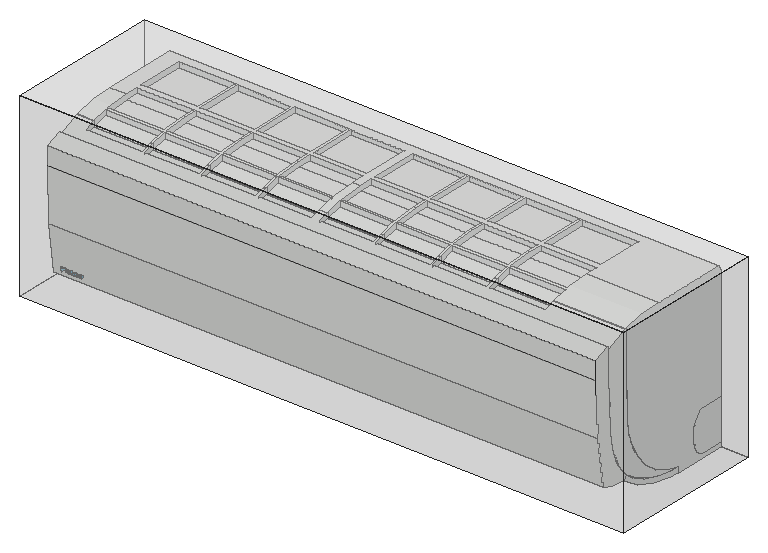
Revit family "outputfile", category 機械設備, Revit 2024
Family settings
  丸型コネクタ寸法 = 半径を使用
  パーツ タイプ = 標準
  OmniClass 番号 = 23.75.10.24.21.27.27
  OmniClass タイトル = Split System Air Conditioning Units
  作業面ベース = いいえ
  常に垂直 = はい
  ロード時にボイドで切り取り = いいえ
  注釈の向きを維持 = いいえ
  共有 = いいえ
  部屋計算ポイント = いいえ
Parameters (values of type "FTKC60TVM4")
  Description = ""
  書き出し IFC クラス(タイプ) = "IfcUnitaryEquipmentType"
  定義済み IFC タイプ(タイプ) = "AIRCONDITIONINGUNIT"
  Cost = 0
  Type Comments = ""
  Keynote = ""
  Type Image = (empty or 0)
  Assembly Code = ""
  w_wall hole = if(Width = 770.0 mm, 48.0 mm, 60.0 mm)  # 60.0 mm
  製造元 = "Daikin"
  モデル = "FTKC60TVM4"
  switch_frequency = yes
  r_Liquid Pipe Size = Liquid Pipe Size / 2  # 3.2 mm
  r_Gas Pipe Size = Gas Pipe Size / 2  # 6.35 mm
  r_Drain Pipe Size = Drain Pipe Size / 2  # 8.0 mm
  lw_powersupply [instance] = if(Width = 770.0 mm, if(or(Rear Right Connection_refrigerant, Bottom Right Connection_refrigerant), 30.0 mm, if(or(Rear Left Connection_refrigerant, Bottom Left Connection_refrigerant), 740.0 mm, 385.0 mm)), if(Width = 990.0 mm, if(or(Rear Right Connection_refrigerant, Bottom Right Connection_refrigerant), 80.0 mm, if(or(Rear Left Connection_refrigerant, Bottom Left Connection_refrigerant), 920.0 mm, 495.0 mm)), if(or(Rear Right Connection_refrigerant, Bottom Right Connection_refrigerant), 80.0 mm, if(or(Rear Left Connection_refrigerant, Bottom Left Connection_refrigerant), 920.0 mm, 495.0 mm))))  # 495.0 mm
  lw_liquidpipe [instance] = if(Width = 770.0 mm, if(or(Rear Right Connection_refrigerant, Bottom Right Connection_refrigerant), 0.0 mm, if(or(Rear Left Connection_refrigerant, Bottom Left Connection_refrigerant), 674.0 mm, 400.0 mm)), if(Width = 990.0 mm, if(or(Rear Right Connection_refrigerant, Bottom Right Connection_refrigerant), 9.0 mm, if(or(Rear Left Connection_refrigerant, Bottom Left Connection_refrigerant), 871.0 mm, 475.0 mm)), if(or(Rear Right Connection_refrigerant, Bottom Right Connection_refrigerant), 9.0 mm, if(or(Rear Left Connection_refrigerant, Bottom Left Connection_refrigerant), 871.0 mm, 475.0 mm))))  # 475.0 mm
  lw_gaspipe [instance] = if(Width = 770.0 mm, if(or(Rear Right Connection_refrigerant, Bottom Right Connection_refrigerant), 0.0 mm, if(or(Rear Left Connection_refrigerant, Bottom Left Connection_refrigerant), 674.0 mm, 350.0 mm)), if(Width = 990.0 mm, if(or(Rear Right Connection_refrigerant, Bottom Right Connection_refrigerant), 0.0 mm, if(or(Rear Left Connection_refrigerant, Bottom Left Connection_refrigerant), 880.0 mm, 400.0 mm)), if(or(Rear Right Connection_refrigerant, Bottom Right Connection_refrigerant), 0.0 mm, if(or(Rear Left Connection_refrigerant, Bottom Left Connection_refrigerant), 880.0 mm, 400.0 mm))))  # 400.0 mm
  lw_drainpipe [instance] = if(Width = 770.0 mm, if(or(Rear Right Connection_refrigerant, Bottom Right Connection_refrigerant), 0.0 mm, if(or(Rear Left Connection_refrigerant, Bottom Left Connection_refrigerant), 674.0 mm, 465.0 mm)), if(Width = 990.0 mm, if(or(Rear Right Connection_refrigerant, Bottom Right Connection_refrigerant), 0.0 mm, if(or(Rear Left Connection_refrigerant, Bottom Left Connection_refrigerant), 880.0 mm, 435.0 mm)), if(or(Rear Right Connection_refrigerant, Bottom Right Connection_refrigerant), 0.0 mm, if(or(Rear Left Connection_refrigerant, Bottom Left Connection_refrigerant), 880.0 mm, 435.0 mm))))  # 435.0 mm
  l_powersupply_length [instance] = if(Width = 770.0 mm, if(Right Connection_refrigerant, 385.0 mm, if(Left Connection_refrigerant, 385.0 mm, if(or(Rear Left Connection_refrigerant, Rear Right Connection_refrigerant), 15.0 mm, 50.0 mm))), if(Width = 990.0 mm, if(Right Connection_refrigerant, 495.0 mm, if(Left Connection_refrigerant, 495.0 mm, if(or(Rear Left Connection_refrigerant, Rear Right Connection_refrigerant), 15.0 mm, 50.0 mm))), if(Right Connection_refrigerant, 495.0 mm, if(Left Connection_refrigerant, 495.0 mm, if(or(Rear Left Connection_refrigerant, Rear Right Connection_refrigerant), 15.0 mm, 50.0 mm)))))  # 495.0 mm
  l_liquidpipe_length [instance] = if(Width = 770.0 mm, if(Right Connection_refrigerant, 448.0 mm, if(Left Connection_refrigerant, 322.0 mm, if(or(Rear Left Connection_refrigerant, Rear Right Connection_refrigerant), 30.0 mm, 40.0 mm))), if(Width = 990.0 mm, if(Right Connection_refrigerant, 535.0 mm, if(Left Connection_refrigerant, 455.0 mm, if(or(Rear Left Connection_refrigerant, Rear Right Connection_refrigerant), 30.0 mm, 40.0 mm))), if(Right Connection_refrigerant, 535.0 mm, if(Left Connection_refrigerant, 455.0 mm, if(or(Rear Left Connection_refrigerant, Rear Right Connection_refrigerant), 30.0 mm, 40.0 mm)))))  # 535.0 mm
  l_gaspipe_length [instance] = if(Width = 770.0 mm, if(Right Connection_refrigerant, 398.0 mm, if(Left Connection_refrigerant, 372.0 mm, if(or(Rear Left Connection_refrigerant, Rear Right Connection_refrigerant), 40.0 mm, 50.0 mm))), if(Width = 990.0 mm, if(Right Connection_refrigerant, 460.0 mm, if(Left Connection_refrigerant, 530.0 mm, if(or(Rear Left Connection_refrigerant, Rear Right Connection_refrigerant), 40.0 mm, 50.0 mm))), if(Right Connection_refrigerant, 460.0 mm, if(Left Connection_refrigerant, 530.0 mm, if(or(Rear Left Connection_refrigerant, Rear Right Connection_refrigerant), 40.0 mm, 50.0 mm)))))  # 460.0 mm
  l_drainpipe_length [instance] = if(Width = 770.0 mm, if(Right Connection_refrigerant, 513.0 mm, if(Left Connection_refrigerant, 257.0 mm, if(or(Rear Left Connection_refrigerant, Rear Right Connection_refrigerant), 15.0 mm, 20.0 mm))), if(Width = 990.0 mm, if(Right Connection_refrigerant, 495.0 mm, if(Left Connection_refrigerant, 495.0 mm, if(or(Rear Left Connection_refrigerant, Rear Right Connection_refrigerant), 15.0 mm, 20.0 mm))), if(Right Connection_refrigerant, 495.0 mm, if(Left Connection_refrigerant, 495.0 mm, if(or(Rear Left Connection_refrigerant, Rear Right Connection_refrigerant), 15.0 mm, 20.0 mm)))))  # 495.0 mm
  h*** = 0.0 mm  # constant formula
  connector_voltage = Voltage_50Hz  # 230 V
  connector_powerinput = [Power Input (Cooling)]  # 0.000 kW
  connector_phase = Phase_50Hz  # 1
  angle_vertical [instance] = if(or(Bottom Left Connection_refrigerant, Bottom Right Connection_refrigerant), 0.00°, 90.00°)  # 90.00°
  angle_horizontal [instance] = if(Right Connection_refrigerant, 90.00°, if(Left Connection_refrigerant, -90.00°, if(or(Rear Left Connection_refrigerant, Rear Right Connection_refrigerant), 180.00°, 0.00°)))  # 90.00°
  Width = 990.0 mm
  Voltage_comment_50Hz = "220 - 240"
  Voltage_50Hz = 230 V
  Version = "ver.1.0"
  Unit Type = "Wall Mounted"
  Unit Mass Weight = 13.00 kg
  Unit Designation [instance] = ""
  Uniclass2015Version = "Products v1.30"
  Uniclass2015Title = "Split coil room air conditioning units"
  Uniclass2015Code = "Pr_70_65_03_86"
  URL = ""
  Total Cooling Capacity [instance] = 0.000 kW
  Sound Pressure Level_M speed (dBA) = 41
  Sound Pressure Level_L speed (dBA) = 36
  Sound Pressure Level_H speed (dBA) = 46
  Sound Power Level_H speed (dB) = 0
  Series = "Single Split_Fan Coil Unit"
  Sensible Cooling Capacity [instance] = 0.000 kW
  Refrigerant Type = "R32"
  Power Input (Cooling) = 0.000 kW
  Phase_50Hz = 1
  Option Accessory 3 [instance] = ""
  Option Accessory 2 [instance] = ""
  Option Accessory 1 [instance] = ""
  Nominal Cooling Capacity = 6.000 kW
  Minimum Circuit Amps_50Hz = 0.0 A
  Minimum Airflow = 684.00 m³/h
  Median Airflow = 912.00 m³/h
  Maximum Fuse Amps_50Hz = 0.0 A
  Maximum Airflow = 1140.00 m³/h
  Material_Casing = DAIKIN_PureWhite_Casing_indoorunit
  Load Classification = HVAC
  Liquid Pipe Size = 6.4 mm
  Link_Nested Family [instance] = ""
  IfcVersion = ""
  IfcExportType = "AIRCONDITIONINGUNIT"
  IfcExportAs = "IfcUnitaryEquipmentType"
  Height = 295.0 mm
  Heat Exchanger Type = "Cross Fin Coil"
  Gas Pipe Size = 12.7 mm
  Frequency_50Hz = 50 Hz
  Fan Type = "Cross Flow Fan"
  Fan Drive = "Direct Drive"
  FCU Tag No. [instance] = ""
  Drain Pipe Size = 16.0 mm
  Design Supply Airflow [instance] = 0.00 m³/h
  Depth = 281.0 mm
  既定の高さ = 0.0 mm
  Cooling Entering Wet Bulb Temperature [instance] = 0.00 °C
  Cooling Entering Dry Bulb Temperature [instance] = 0.00 °C
  Cooling Ambient Wet Bulb Temperature [instance] = 0.00 °C
  Cooling Ambient Dry Bulb Temperature [instance] = 0.00 °C
  Clearance visibility [instance] = yes
  Clearance Top = 30.0 mm
  Clearance Right = 50.0 mm
  Clearance Rear = 0.0 mm
  Clearance Left = 50.0 mm
  Clearance Front = 0.0 mm
  Clearance Bottom = 0.0 mm
  Bottom Right Connection_refrigerant [instance] = no
  Bottom Left Connection_refrigerant [instance] = no
  Rear Right Connection_refrigerant [instance] = no
  Rear Left Connection_refrigerant [instance] = no
  Right Connection_refrigerant [instance] = yes
  Left Connection_refrigerant [instance] = no
Reference planes
  plane 1 "Back": y = 0
  plane 2: z = 0
  plane 3 "Center (Left/Right)": x = 0
  plane 4 "Center (Front/Back)": y = -140.5
  plane 5 "Front": y = -281
  plane 6 "Left": x = -495
  plane 7 "Right": x = 495
  plane 8 "Top": z = 0
  plane 9 "Bottom": z = -295
  plane 10: x = -545
  plane 11: x = 545
  plane 12: y = 0
  plane 13: y = -281
  plane 14: z = 30
  plane 15: z = -295
  plane 16 "lw_Piping and Wiring intake": x = 435
  plane 17 "lw_gaspipe": x = 35
  plane 18 "lw_liquidpipe": x = -40
  plane 19 "lw_drainpipe": x = 0
  plane 20 "lh_drainpipe": z = -275
  plane 21 "lh_liquidpipe": z = -255
  plane 22 "lh_gaspipe": z = -245
  plane 23 "ld_drainpipe": y = -15
  plane 24 "ld_liquidpipe": y = -30
  plane 25 "ld_gaspipe": y = -40
  plane 26 "lw_powersupply": x = 0
Dimensions and locks
  equal spacing: plane 6 "Left", plane 3 "Center (Left/Right)", plane 7 "Right"
  "Width": plane 6 "Left" to plane 7 "Right"
  equal spacing: plane 5 "Front", plane 4 "Center (Front/Back)", plane 1 "Back"
  "Depth": plane 5 "Front" to plane 1 "Back"
  "Height": plane 8 "Top" to plane 9 "Bottom"
  "Clearance Rear": plane 12 to plane 1 "Back"
  "Clearance Front": plane 13 to plane 5 "Front"
  "Clearance Top": plane 14 to plane 8 "Top"
  "Clearance Bottom": plane 9 "Bottom" to plane 15
  "w_wall hole": plane 16 "lw_Piping and Wiring intake" to plane 7 "Right"
  "lw_gaspipe": plane 17 "lw_gaspipe" to plane 16 "lw_Piping and Wiring intake"
  "lw_liquidpipe": plane 18 "lw_liquidpipe" to plane 16 "lw_Piping and Wiring intake"
  "lw_drainpipe": plane 19 "lw_drainpipe" to plane 16 "lw_Piping and Wiring intake"
  locked: plane 20 "lh_drainpipe" to plane 9 "Bottom" at 20
  locked: plane 21 "lh_liquidpipe" to plane 9 "Bottom" at 40
  locked: plane 22 "lh_gaspipe" to plane 9 "Bottom" at 50
  locked: plane 23 "ld_drainpipe" to plane 1 "Back" at 15
  locked: plane 1 "Back" to plane 24 "ld_liquidpipe" at 30
  locked: plane 1 "Back" to plane 25 "ld_gaspipe" at 40
  "lw_powersupply": plane 26 "lw_powersupply" to plane 7 "Right"
  "Clearance Right": plane 7 "Right" to plane 11
  "Clearance Left": plane 10 to plane 6 "Left"
  aligned and locked: level to plane 2
  aligned and locked: plane 12 to nested 1
  aligned and locked: nested 1 to plane 13
  aligned and locked: plane 10 to nested 1
  aligned and locked: plane 11 to nested 1
  aligned and locked: plane 15 to nested 1
  aligned and locked: plane 14 to nested 1
  aligned and locked: plane 17 "lw_gaspipe" to nested 2
  aligned and locked: nested 2 to plane 25 "ld_gaspipe"
  aligned and locked: plane 18 "lw_liquidpipe" to nested 3
  aligned and locked: nested 3 to plane 24 "ld_liquidpipe"
  aligned and locked: plane 19 "lw_drainpipe" to nested 4
  aligned and locked: nested 4 to plane 23 "ld_drainpipe"
  aligned and locked: nested 5 to plane 23 "ld_drainpipe"
  aligned and locked: plane 26 "lw_powersupply" to nested 5
  aligned and locked: level to plane 8 "Top"
  aligned and locked: plane 3 "Center (Left/Right)" to nested 6
  aligned and locked: plane 8 "Top" to nested 6
  aligned and locked: plane 1 "Back" to nested 6
Nested families
  nested 1: "daikin_clearancespace" at (0, -140.5, -132.381), show <- "Clearance visibility", visible <- "Clearance visibility", Link_Nested Family <- "Link_Nested Family", type "daikin_clearancespace"
    with width 1090.0 mm, show yes, height 325.0 mm, depth 281.0 mm, Link_Nested Family ""
  nested 2: "daikin_connector_rotate3" at (35, -40, -245), angle_vertical <- "angle_vertical", angle_horizontal <- "angle_horizontal", length <- "l_gaspipe_length", radius <- "r_Gas Pipe Size", type "daikin_connector_rotate3"
    with show no, radius 6.35 mm, length 460.0 mm, angle_vertical 90.00°, angle_horizontal 90.00°
  nested 3: "daikin_connector_rotate3" at (-40, -30, -255), angle_vertical <- "angle_vertical", angle_horizontal <- "angle_horizontal", radius <- "r_Liquid Pipe Size", length <- "l_liquidpipe_length", type "daikin_connector_rotate3"
    with show no, radius 3.2 mm, length 535.0 mm, angle_vertical 90.00°, angle_horizontal 90.00°
  nested 4: "daikin_connector_rotate3" at (0, -15, -275), angle_vertical <- "angle_vertical", angle_horizontal <- "angle_horizontal", length <- "l_drainpipe_length", radius <- "r_Drain Pipe Size", type "daikin_connector_rotate3"
    with show no, radius 8.0 mm, length 495.0 mm, angle_vertical 90.00°, angle_horizontal 90.00°
  nested 5: "daikin_connector_rotate3" at (0, -15, -245), angle_vertical <- "angle_vertical", angle_horizontal <- "angle_horizontal", length <- "l_powersupply_length", type "daikin_connector_rotate3"
    with show no, radius 10.0 mm, length 495.0 mm, angle_vertical 90.00°, angle_horizontal 90.00°
  nested 6: "DAIKIN_indoorunit_FTKC-TVM4" at (-31, 0, 0), type "FTKC-TVM4"
    with switch_unit1_50-71 yes, switch_unit1_15-35 no, Width 990.0 mm, Height 295.0 mm
Connectors
  piping at (495, -40, -245), diameter 12.7, driven by "r_Gas Pipe Size"
    settings: on nested 2, index 1, connector inside diameter 609.6 mm, connector length 0.0 mm, flow factor 0, pipe flow 0.00 m³/h, pressure drop 0.0 Pa, fitting loss kfactor 0, connector angle 0.00°, fixture units 0, engagement length 0.0 mm, angle of deflection 0.00°, flow configuration 1, flow direction 2, fitting loss method 0, system type 29, joint type 0, gender type 0, connector reference index -1, connector utility 0, adjustable connector no, is connector primary yes, connector description "Refrigerant Gas Piping"
  piping at (495, -30, -255), diameter 6.4, driven by "r_Liquid Pipe Size"
    settings: on nested 3, index 2, connector inside diameter 609.6 mm, connector length 0.0 mm, flow factor 0, pipe flow 0.00 m³/h, pressure drop 0.0 Pa, fitting loss kfactor 0, connector angle 0.00°, fixture units 0, engagement length 0.0 mm, angle of deflection 0.00°, flow configuration 1, flow direction 1, fitting loss method 0, system type 29, joint type 0, gender type 0, connector reference index -1, connector utility 0, adjustable connector no, is connector primary no, connector description "Refrigerant Liquid Piping"
  piping at (495, -15, -275), diameter 16, driven by "r_Drain Pipe Size"
    settings: on nested 4, index 3, connector inside diameter 609.6 mm, connector length 0.0 mm, flow factor 0, pipe flow 0.00 m³/h, pressure drop 0.0 Pa, fitting loss kfactor 0, connector angle 0.00°, fixture units 0, engagement length 0.0 mm, angle of deflection 0.00°, flow configuration 1, flow direction 2, fitting loss method 4, system type 16, joint type 0, gender type 0, connector reference index -1, connector utility 0, adjustable connector no, is connector primary no, connector description "Condensate Drain Piping"
  electrical at (495, -15, -245), driven by "Load Classification", driven by "connector_voltage", driven by "connector_powerinput", driven by "connector_phase"
    settings: on nested 5, index 4, voltage 230 V, apparent load 0 VA, apparent load phase1 0 VA, apparent load phase2 0 VA, apparent load phase3 0 VA, power factor 1, load classification "HVAC", number of poles 1, system type 30, power factor state 1, is connector primary yes, connector utility no, sub classification motor no, connector description "Power Supply"
Definition of nested family "daikin_clearancespace"
  Parameters (values of type "daikin_clearancespace")
    Description = "daikin_clearancespace"
    width [instance] = 1823.963 mm
    show [instance] = yes
    material = none
    height [instance] = 1359.762 mm
    depth [instance] = 880.0 mm
    Default Elevation = 0.0 mm
    Link_Nested Family [instance] = ""
  Reference planes
    plane 1 "Center (Front/Back)": y = 0
    plane 2 "Center (Elevation)": z = -0.119
    plane 3 "Center (Left/Right)": x = 0
    plane 4: y = 440
    plane 5: y = -440
    plane 6 "Right": x = 911.982
    plane 7 "Left": x = -911.982
    plane 8 "Top": z = 679.762
    plane 9 "Bottom": z = -680
  Forms (mm)
    Extrusion 1, solid, material <- "material", visible <- "show"
      sketch origin (0, 0, 0) x (1, 0, 0) y (0, 1, 0)
        loop
          line (-911.982, 440) -> (-911.982, -440) -> (911.982, -440) -> (911.982, 440) -> (-911.982, 440)
      from -680 to 679.762
  Lines and regions (mm)
    symbolic lines, visible <- "show"
      curve 1: line (911.982, 440, 0) -> (-911.982, 440, 0)
      curve 2: line (-911.982, 440, 0) -> (-911.982, -440, 0)
      curve 3: line (-911.982, -440, 0) -> (911.982, -440, 0)
      curve 4: line (911.982, -440, 0) -> (911.982, 440, 0)
      curve 5: line (911.982, 0, 679.762) -> (-911.982, 0, 679.762)
      curve 6: line (911.982, 0, -680) -> (911.982, 0, 679.762)
      curve 7: line (-911.982, 0, -680) -> (911.982, 0, -680)
      curve 8: line (-911.982, 0, 679.762) -> (-911.982, 0, -680)
      curve 9: line (0, 440, 679.762) -> (0, -440, 679.762)
      curve 10: line (0, -440, 679.762) -> (0, -440, -680)
      curve 11: line (0, 440, -680) -> (0, 440, 679.762)
      curve 12: line (0, -440, -680) -> (0, 440, -680)
  Dimensions and locks
    "width": plane 7 "Left" to plane 6 "Right"
    "depth": plane 4 to plane 5
    "height": plane 8 "Top" to plane 9 "Bottom"
    equal spacing: plane 7 "Left", plane 3 "Center (Left/Right)", plane 6 "Right"
    equal spacing: plane 4, plane 1 "Center (Front/Back)", plane 5
    equal spacing: plane 8 "Top", plane 2 "Center (Elevation)", plane 9 "Bottom"
    aligned and locked: level to plane 2 "Center (Elevation)"
    aligned and locked: Extrusion 1 sketch curve to plane 4
    aligned and locked: plane 7 "Left" to Extrusion 1 sketch curve
    aligned and locked: Extrusion 1 sketch curve to plane 5
    aligned and locked: Extrusion 1 sketch curve to plane 6 "Right"
    aligned and locked: plane 8 "Top" to Extrusion 1
    aligned and locked: curve 1 to Extrusion 1
    aligned and locked: curve 2 to Extrusion 1
    aligned and locked: curve 3 to Extrusion 1
    aligned and locked: curve 4 to Extrusion 1
    aligned and locked: curve 5 to Extrusion 1
    aligned and locked: curve 6 to Extrusion 1
    aligned and locked: curve 7 to Extrusion 1
    aligned and locked: curve 8 to Extrusion 1
    aligned and locked: curve 9 to Extrusion 1
    aligned and locked: curve 10 to Extrusion 1
    aligned and locked: curve 11 to Extrusion 1
    aligned and locked: curve 12 to Extrusion 1
    aligned and locked: Extrusion 1 to plane 9 "Bottom"
Definition of nested family "DAIKIN_indoorunit_FTKC-TVM4"
  Parameters (values of type "FTKC-TVM4")
    switch_unit1_50-71 = Width = 990.0 mm  # no
    switch_unit1_15-35 = Width = 770.0 mm  # yes
    Width = 770.0 mm
    Material_Casing = none
    Height = if(Width = 770.0 mm, 285.0 mm, 295.0 mm)  # 285.0 mm
    Default Elevation = 0.0 mm
  Reference planes
    plane 1 "Center (Front/Back)": y = 0
    plane 2 "reference_level": z = 0
    plane 3 "Center (Left/Right)": x = 31
    plane 4: x = -354
    plane 5: x = 416
    plane 6: y = -242
    plane 7: z = -285
    plane 8: x = -464
    plane 9: x = 526
    plane 10: y = -281
    plane 11: z = -295
  Forms (mm)
    Extrusion 1, solid, material <- "Material_Casing", visible <- "switch_unit1_15-35"
      sketch origin (31, 0, 0) x (0, 1, 0) y (0, 0, 1)
        loop
          line (-181.516, -252.416) -> (-177.432, -245.341)
          arc (-177.432, -245.341) -> (-187.602, -234.721) -> (-196.157, -222.761) r 103
          arc (-196.157, -222.761) -> (-204.858, -204.875) -> (-209.959, -185.65) r 103
          arc (-209.959, -185.65) -> (-211.672, -172.918) -> (-212.646, -160.108) r 222
          arc (-212.646, -160.108) -> (-214.738, -92.842) -> (-214.74, -25.543) r 2166.704
          line (-214.74, -25.543) -> (-242, -36.1) -> (-242, -144.253)
          arc (-242, -144.253) -> (-238.127, -195.07) -> (-226.597, -244.714) r 335.315
          arc (-226.597, -244.714) -> (-218.704, -249.531) -> (-209.718, -251.715) r 30
          arc (-209.718, -251.715) -> (-195.628, -252.481) -> (-181.516, -252.416) r 239.767
      from -385 to 385
    Extrusion 2, solid, material <- "Material_Casing", visible <- "switch_unit1_15-35"
      sketch origin (31, 0, 0) x (0, 1, 0) y (0, 0, 1)
        loop
          line (0, -8.5) -> (-113.618, -8.5)
          arc (-113.618, -8.5) -> (-146.846, -12.967) -> (-179.138, -21.983) r 242
          arc (-179.138, -21.983) -> (-179.047, -97.761) -> (-175.674, -173.465) r 1749.053
          arc (-175.674, -173.465) -> (-151.972, -235.488) -> (-97.504, -273.461) r 112.896
          line (-97.504, -273.461) -> (-97.504, -283.03)
          arc (-97.504, -283.03) -> (-89.849, -284.138) -> (-82.162, -285) r 240
          line (-82.162, -285) -> (0, -285) -> (0, -8.5)
      from -385 to 385
    Extrusion 3, solid, material <- "Material_Casing", visible <- "switch_unit1_15-35"
      sketch origin (31, 0, 0) x (0, 1, 0) y (0, 0, 1)
        loop
          arc (-98, 0) -> (-139.118, -3.405) -> (-179.116, -13.525) r 250
          arc (-179.116, -13.525) -> (-179.134, -17.754) -> (-179.138, -21.983) r 1232.815
          arc (-179.138, -21.983) -> (-146.846, -12.967) -> (-113.618, -8.5) r 242
          line (-113.618, -8.5) -> (0, -8.5) -> (-5, 0) -> (-98, 0)
      from -385 to 385
    Extrusion 4, solid, material <- "Material_Casing", visible <- "switch_unit1_15-35"
      sketch origin (31, 0, 0) x (0, 1, 0) y (0, 0, 1)
        loop
          arc (-179.116, -13.525) -> (-196.73, -20.321) -> (-213.781, -28.427) r 250
          arc (-213.781, -28.427) -> (-213.841, -32.971) -> (-213.891, -37.516) r 2163.952
          arc (-213.891, -37.516) -> (-196.821, -29.065) -> (-179.138, -21.983) r 242
          arc (-179.138, -21.983) -> (-179.134, -17.754) -> (-179.116, -13.525) r 1232.815
      from -385 to 385
    Extrusion 5, solid, material <- "Material_Casing", visible <- "switch_unit1_15-35"
      sketch origin (31, 0, 0) x (0, 1, 0) y (0, 0, 1)
        loop
          arc (-179.138, -21.983) -> (-196.821, -29.065) -> (-213.891, -37.516) r 242
          arc (-213.891, -37.516) -> (-213.638, -98.737) -> (-211.653, -159.927) r 2163.952
          arc (-211.653, -159.927) -> (-210.685, -172.747) -> (-208.973, -185.489) r 221
          arc (-208.973, -185.489) -> (-197.132, -219.133) -> (-174.432, -246.644) r 102
          arc (-174.432, -246.644) -> (-137.432, -263.767) -> (-98, -274.128) r 231.303
          line (-98, -274.128) -> (-98, -273.301)
          arc (-98, -273.301) -> (-152.132, -235.283) -> (-175.674, -173.465) r 112.896
          arc (-175.674, -173.465) -> (-179.047, -97.761) -> (-179.138, -21.983) r 1749.053
      from -385 to 385
    Extrusion 6, solid, material <- "Material_Casing", visible <- "switch_unit1_15-35"
      sketch origin (31, 0, 0) x (0, 1, 0) y (0, 0, 1)
        loop
          arc (-99, -274.668) -> (-139.156, -263.909) -> (-176.747, -246.156) r 232
          line (-176.747, -246.156) -> (-180.748, -253.084)
          arc (-180.748, -253.084) -> (-141.23, -271.668) -> (-99, -282.784) r 240
          line (-99, -282.784) -> (-99, -274.668)
      from 334 to 385
    Extrusion 7, solid, material <- "Material_Casing", visible <- "switch_unit1_15-35"
      sketch origin (31, 0, 0) x (0, 1, 0) y (0, 0, 1)
        loop
          arc (-99, -274.668) -> (-139.156, -263.909) -> (-176.747, -246.156) r 232
          line (-176.747, -246.156) -> (-180.748, -253.084)
          arc (-180.748, -253.084) -> (-141.23, -271.668) -> (-99, -282.784) r 240
          line (-99, -282.784) -> (-99, -274.668)
      from 267 to 333
    Extrusion 8, solid, material <- "Material_Casing", visible <- "switch_unit1_15-35"
      sketch origin (31, 0, 0) x (0, 1, 0) y (0, 0, 1)
        loop
          arc (-99, -274.668) -> (-139.156, -263.909) -> (-176.747, -246.156) r 232
          line (-176.747, -246.156) -> (-180.748, -253.084)
          arc (-180.748, -253.084) -> (-141.23, -271.668) -> (-99, -282.784) r 240
          line (-99, -282.784) -> (-99, -274.668)
      from -385 to -338.5
    Extrusion 9, solid, material <- "Material_Casing", visible <- "switch_unit1_15-35"
      sketch origin (31, 0, 0) x (0, 1, 0) y (0, 0, 1)
        loop
          arc (-118.787, -270.332) -> (-148.589, -260.214) -> (-176.747, -246.156) r 232
          line (-176.747, -246.156) -> (-180.748, -253.084)
          arc (-180.748, -253.084) -> (-152.638, -267.191) -> (-122.926, -277.5) r 240
          line (-122.926, -277.5) -> (-118.787, -270.332)
      from -335.5 to 264.6
    Extrusion 10, solid, material <- "Material_Casing", visible <- "switch_unit1_15-35"
      sketch origin (31, 0, 0) x (0, 1, 0) y (0, 0, 1)
        loop
          line (0, -276.246) -> (0, -216.246) -> (-30, -216.246)
          arc (-30, -216.246) -> (-44.142, -222.104) -> (-50, -236.246) r 20
          line (-50, -236.246) -> (-50, -256.246)
          arc (-50, -256.246) -> (-44.142, -270.388) -> (-30, -276.246) r 20
          line (-30, -276.246) -> (0, -276.246)
      from 380 to 385
    Extrusion 11, solid, material <- "Material_Casing", visible <- "switch_unit1_15-35"
      sketch origin (-734, 0, 0) x (0, 1, 0) y (0, 0, 1)
        loop
          line (0, -276.246) -> (0, -216.246) -> (-30, -216.246)
          arc (-30, -216.246) -> (-44.142, -222.104) -> (-50, -236.246) r 20
          line (-50, -236.246) -> (-50, -256.246)
          arc (-50, -256.246) -> (-44.142, -270.388) -> (-30, -276.246) r 20
          line (-30, -276.246) -> (0, -276.246)
      from 380 to 385
    Extrusion 12, solid, material <- "Material_Casing", visible <- "switch_unit1_15-35"
      sketch origin (4267.2, -957.059, -285) x (0, -1, 0) y (1, 0, 0)
        loop
          line (-957.059, -4610.2) -> (-927.059, -4610.2)
          arc (-927.059, -4610.2) -> (-912.917, -4604.342) -> (-907.059, -4590.2) r 20
          line (-907.059, -4590.2) -> (-907.059, -4570.2)
          arc (-907.059, -4570.2) -> (-912.917, -4556.058) -> (-927.059, -4550.2) r 20
          line (-927.059, -4550.2) -> (-957.059, -4550.2) -> (-957.059, -4610.2)
        loop
          line (-957.059, -3922.2) -> (-927.059, -3922.2)
          arc (-927.059, -3922.2) -> (-912.917, -3916.342) -> (-907.059, -3902.2) r 20
          line (-907.059, -3902.2) -> (-907.059, -3882.2)
          arc (-907.059, -3882.2) -> (-912.917, -3868.058) -> (-927.059, -3862.2) r 20
          line (-927.059, -3862.2) -> (-957.059, -3862.2) -> (-957.059, -3922.2)
      from 0 to 5
    Extrusion 13, solid, material <- "Material_Casing", visible <- "switch_unit1_15-35"
      sketch origin (0, 0, 0) x (1, 0, 0) y (0, 0, 1)
        loop
          circle (-306, -240.5) r 32.5
        loop
          circle (368, -240.5) r 32.5
      from 0 to 5
    Extrusion 14, void
      sketch origin (0, 0, 0) x (1, 0, 0) y (0, 1, 0)
        loop
          line (-324.5, -23.5) -> (-324.5, -100) -> (-221, -100) -> (-221, -23.5) -> (-324.5, -23.5)
        loop
          line (-324.5, -102) -> (-324.5, -180.5) -> (-221, -180.5) -> (-221, -102) -> (-324.5, -102)
        loop
          line (-221, -181.5) -> (-324.5, -181.5) -> (-324.5, -210) -> (-221, -210) -> (-221, -181.5)
        loop
          line (-219, -23.5) -> (-219, -100) -> (-120, -100) -> (-120, -23.5) -> (-219, -23.5)
        loop
          line (-219, -102) -> (-219, -180.5) -> (-120, -180.5) -> (-120, -102) -> (-219, -102)
        loop
          line (-120, -181.5) -> (-219, -181.5) -> (-219, -210) -> (-120, -210) -> (-120, -181.5)
        loop
          line (92, -23.5) -> (92, -100) -> (191, -100) -> (191, -23.5) -> (92, -23.5)
        loop
          line (92, -102) -> (92, -180.5) -> (191, -180.5) -> (191, -102) -> (92, -102)
        loop
          line (191, -181.5) -> (92, -181.5) -> (92, -210) -> (191, -210) -> (191, -181.5)
        loop
          line (193, -23.5) -> (193, -100) -> (296.5, -100) -> (296.5, -23.5) -> (193, -23.5)
        loop
          line (193, -102) -> (193, -180.5) -> (296.5, -180.5) -> (296.5, -102) -> (193, -102)
        loop
          line (296.5, -181.5) -> (193, -181.5) -> (193, -210) -> (296.5, -210) -> (296.5, -181.5)
        loop
          line (-118, -23.5) -> (-118, -100) -> (90, -100) -> (90, -23.5) -> (-118, -23.5)
        loop
          line (-118, -102) -> (-118, -180.5) -> (90, -180.5) -> (90, -102) -> (-118, -102)
        loop
          line (-118, -181.5) -> (-118, -210) -> (90, -210) -> (90, -181.5) -> (-118, -181.5)
      from -45.568 to 39.59
    Extrusion 15, solid, material <- "Material_Casing", visible <- "switch_unit1_50-71"
      sketch origin (31, 0, 0) x (0, 1, 0) y (0, 0, 1)
        loop
          line (-219.505, -253.208) -> (-214.063, -245.993)
          arc (-214.063, -245.993) -> (-226.305, -232.688) -> (-235.972, -217.41) r 100.737
          arc (-235.972, -217.41) -> (-246.359, -189.681) -> (-251.069, -160.448) r 149.292
          arc (-251.069, -160.448) -> (-253.267, -112.746) -> (-254, -65) r 1555.387
          line (-254, -65) -> (-254, -22.209) -> (-280.96, -32.522) -> (-281, -65.309)
          arc (-281, -65.309) -> (-280.275, -112.896) -> (-278.119, -160.439) r 1582.495
          arc (-278.119, -160.439) -> (-274.11, -202.042) -> (-267, -243.228) r 558.201
          arc (-267, -243.228) -> (-249.058, -250.67) -> (-229.801, -253.208) r 74.313
          line (-229.801, -253.208) -> (-219.505, -253.208)
      from -495 to 495
    Extrusion 16, solid, material <- "Material_Casing", visible <- "switch_unit1_50-71"
      sketch origin (31, 0, 0) x (0, 1, 0) y (0, 0, 1)
        loop
          arc (-100.5, -284.747) -> (-179.919, -239.801) -> (-212.343, -154.5) r 134.438
          arc (-212.343, -154.5) -> (-213.586, -109.758) -> (-214, -65) r 2418.229
          line (-214, -65) -> (-214, -20.481)
          arc (-214, -20.481) -> (-233.83, -27.507) -> (-253, -36.176) r 250
          line (-253, -36.176) -> (-253, -65)
          arc (-253, -65) -> (-252.267, -112.716) -> (-250.07, -160.386) r 1554.382
          arc (-250.07, -160.386) -> (-245.365, -189.53) -> (-234.983, -217.165) r 148.387
          arc (-234.983, -217.165) -> (-218.057, -240.73) -> (-195.079, -258.444) r 100
          arc (-195.079, -258.444) -> (-149.468, -277.868) -> (-100.5, -285.595) r 201.939
          line (-100.5, -285.595) -> (-100.5, -284.747)
      from -495 to 495
    Extrusion 17, solid, material <- "Material_Casing", visible <- "switch_unit1_50-71"
      sketch origin (31, 0, 0) x (0, 1, 0) y (0, 0, 1)
        loop
          arc (-214, -65) -> (-213.586, -109.758) -> (-212.343, -154.5) r 2418.229
          arc (-212.343, -154.5) -> (-178.254, -241.703) -> (-95.5, -285.502) r 134.438
          line (-95.5, -285.502) -> (-95.5, -295) -> (0, -295) -> (0, -9) -> (-140.5, -9)
          arc (-140.5, -9) -> (-177.696, -11.888) -> (-214, -20.481) r 241
          line (-214, -20.481) -> (-214, -65)
      from -495 to 495
    Extrusion 18, solid, material <- "Material_Casing", visible <- "switch_unit1_50-71"
      sketch origin (31, 0, 0) x (0, 1, 0) y (0, 0, 1)
        loop
          line (-213.317, -246.664) -> (-219.196, -254.466)
          arc (-219.196, -254.466) -> (-168.535, -282.168) -> (-112.23, -294.964) r 209.168
          arc (-112.23, -294.964) -> (-111.806, -294.991) -> (-111.381, -295) r 10
          line (-111.381, -295) -> (-96.5, -295) -> (-96.5, -286) -> (-111.136, -286)
          arc (-111.136, -286) -> (-154.838, -277.36) -> (-195.568, -259.316) r 201.22
          arc (-195.568, -259.316) -> (-204.785, -253.47) -> (-213.317, -246.664) r 101
      from 445 to 495
    Extrusion 19, solid, material <- "Material_Casing", visible <- "switch_unit1_50-71"
      sketch origin (-464, 2327.908, 1200) x (0, 1, 0) y (0, 0, 1)
        loop
          line (-2541.225, -1446.664) -> (-2547.104, -1454.466)
          arc (-2547.104, -1454.466) -> (-2496.443, -1482.168) -> (-2440.138, -1494.964) r 209.168
          arc (-2440.138, -1494.964) -> (-2439.714, -1494.991) -> (-2439.289, -1495) r 10
          line (-2439.289, -1495) -> (-2424.408, -1495) -> (-2424.408, -1486) -> (-2439.044, -1486)
          arc (-2439.044, -1486) -> (-2482.746, -1477.36) -> (-2523.476, -1459.316) r 201.22
          arc (-2523.476, -1459.316) -> (-2532.693, -1453.47) -> (-2541.225, -1446.664) r 101
      from 0 to 45
    Extrusion 20, solid, material <- "Material_Casing", visible <- "switch_unit1_50-71"
      sketch origin (31, 0, 0) x (0, 1, 0) y (0, 0, 1)
        loop
          line (-213.317, -246.664) -> (-219.196, -254.466)
          arc (-219.196, -254.466) -> (-168.535, -282.168) -> (-112.23, -294.964) r 209.168
          arc (-112.23, -294.964) -> (-111.806, -294.991) -> (-111.381, -295) r 10
          line (-111.381, -295) -> (-96.5, -295) -> (-96.5, -286) -> (-111.136, -286)
          arc (-111.136, -286) -> (-154.838, -277.36) -> (-195.568, -259.316) r 201.22
          arc (-195.568, -259.316) -> (-204.785, -253.47) -> (-213.317, -246.664) r 101
      from 348 to 444
    Extrusion 21, solid, material <- "Material_Casing", visible <- "switch_unit1_50-71"
      sketch origin (31, 0, 0) x (0, 1, 0) y (0, 0, 1)
        loop
          line (-213.317, -246.664) -> (-219.196, -254.466)
          arc (-219.196, -254.466) -> (-180.878, -277.039) -> (-138.653, -291) r 209.168
          line (-138.653, -291) -> (-132.632, -283.01)
          arc (-132.632, -283.01) -> (-165.097, -273.811) -> (-195.568, -259.316) r 201.22
          arc (-195.568, -259.316) -> (-204.785, -253.47) -> (-213.317, -246.664) r 101
      from -442 to 343
    Extrusion 22, solid, material <- "Material_Casing", visible <- "switch_unit1_50-71"
      sketch origin (31, 0, 0) x (0, 1, 0) y (0, 0, 1)
        loop
          arc (-214, -11.049) -> (-233.83, -18.074) -> (-253, -26.743) r 250
          line (-253, -26.743) -> (-253, -36.176)
          arc (-253, -36.176) -> (-233.83, -27.507) -> (-214, -20.481) r 250
          line (-214, -20.481) -> (-214, -11.049)
      from -495 to 495
    Extrusion 23, solid, material <- "Material_Casing", visible <- "switch_unit1_50-71"
      sketch origin (31, 0, 0) x (0, 1, 0) y (0, 0, 1)
        loop
          arc (-140.5, 0) -> (-177.663, -2.778) -> (-214, -11.049) r 250
          line (-214, -11.049) -> (-214, -20.481)
          arc (-214, -20.481) -> (-177.696, -11.888) -> (-140.5, -9) r 241
          line (-140.5, -9) -> (0, -9) -> (-5, 0) -> (-140.5, 0)
      from -495 to 495
    Extrusion 24, void
      sketch origin (0, 0, 0) x (1, 0, 0) y (0, 1, 0)
        loop
          line (-434, -22.7) -> (-434, -107.9) -> (-332, -107.9) -> (-332, -22.7) -> (-434, -22.7)
        loop
          line (-332, -116.9) -> (-434, -116.9) -> (-434, -183.4) -> (-332, -183.4) -> (-332, -116.9)
        loop
          line (-332, -187.9) -> (-434, -187.9) -> (-434, -231.9) -> (-332, -231.9) -> (-332, -187.9)
        loop
          line (-327.8, -22.7) -> (-327.8, -107.9) -> (-229.6, -107.9) -> (-229.6, -22.7) -> (-327.8, -22.7)
        loop
          line (-229.6, -116.9) -> (-327.8, -116.9) -> (-327.8, -183.4) -> (-229.6, -183.4) -> (-229.6, -116.9)
        loop
          line (-229.6, -187.9) -> (-327.8, -187.9) -> (-327.8, -231.9) -> (-229.6, -231.9) -> (-229.6, -187.9)
        loop
          line (-225.4, -22.7) -> (-225.4, -107.9) -> (-127.2, -107.9) -> (-127.2, -22.7) -> (-225.4, -22.7)
        loop
          line (-127.2, -116.9) -> (-225.4, -116.9) -> (-225.4, -183.4) -> (-127.2, -183.4) -> (-127.2, -116.9)
        loop
          line (-127.2, -187.9) -> (-225.4, -187.9) -> (-225.4, -231.9) -> (-127.2, -231.9) -> (-127.2, -187.9)
        loop
          line (-123, -22.7) -> (-123, -107.9) -> (-26, -107.9) -> (-26, -22.7) -> (-123, -22.7)
        loop
          line (-26, -116.9) -> (-123, -116.9) -> (-123, -183.4) -> (-26, -183.4) -> (-26, -116.9)
        loop
          line (-26, -187.9) -> (-123, -187.9) -> (-123, -231.9) -> (-26, -231.9) -> (-26, -187.9)
        loop
          line (396, -22.7) -> (294, -22.7) -> (294, -107.9) -> (396, -107.9) -> (396, -22.7)
        loop
          line (294, -116.9) -> (294, -183.4) -> (396, -183.4) -> (396, -116.9) -> (294, -116.9)
        loop
          line (294, -187.9) -> (294, -231.9) -> (396, -231.9) -> (396, -187.9) -> (294, -187.9)
        loop
          line (289.8, -22.7) -> (191.6, -22.7) -> (191.6, -107.9) -> (289.8, -107.9) -> (289.8, -22.7)
        loop
          line (191.6, -116.9) -> (191.6, -183.4) -> (289.8, -183.4) -> (289.8, -116.9) -> (191.6, -116.9)
        loop
          line (191.6, -187.9) -> (191.6, -231.9) -> (289.8, -231.9) -> (289.8, -187.9) -> (191.6, -187.9)
        loop
          line (187.4, -22.7) -> (89.2, -22.7) -> (89.2, -107.9) -> (187.4, -107.9) -> (187.4, -22.7)
        loop
          line (89.2, -116.9) -> (89.2, -183.4) -> (187.4, -183.4) -> (187.4, -116.9) -> (89.2, -116.9)
        loop
          line (89.2, -187.9) -> (89.2, -231.9) -> (187.4, -231.9) -> (187.4, -187.9) -> (89.2, -187.9)
        loop
          line (85, -22.7) -> (-12, -22.7) -> (-12, -107.9) -> (85, -107.9) -> (85, -22.7)
        loop
          line (-12, -116.9) -> (-12, -183.4) -> (85, -183.4) -> (85, -116.9) -> (-12, -116.9)
        loop
          line (-12, -187.9) -> (-12, -231.9) -> (85, -231.9) -> (85, -187.9) -> (-12, -187.9)
      from -47.376 to 34.635
    Extrusion 25, solid, material <- "Material_Casing", visible <- "switch_unit1_50-71"
      sketch origin (31, 0, 0) x (0, 1, 0) y (0, 0, 1)
        loop
          line (0, -287) -> (0, -214.4) -> (-35.8, -214.4)
          arc (-35.8, -214.4) -> (-52.771, -221.429) -> (-59.8, -238.4) r 24
          line (-59.8, -238.4) -> (-59.8, -263)
          arc (-59.8, -263) -> (-52.771, -279.971) -> (-35.8, -287) r 24
          line (-35.8, -287) -> (0, -287)
      from 490 to 495
    Extrusion 26, solid, material <- "Material_Casing", visible <- "switch_unit1_50-71"
      sketch origin (-954, 0, 0) x (0, 1, 0) y (0, 0, 1)
        loop
          line (0, -287) -> (0, -214.4) -> (-35.8, -214.4)
          arc (-35.8, -214.4) -> (-52.771, -221.429) -> (-59.8, -238.4) r 24
          line (-59.8, -238.4) -> (-59.8, -263)
          arc (-59.8, -263) -> (-52.771, -279.971) -> (-35.8, -287) r 24
          line (-35.8, -287) -> (0, -287)
      from 490 to 495
    Extrusion 27, solid, material <- "Material_Casing", visible <- "switch_unit1_50-71"
      sketch origin (0, 0, 0) x (1, 0, 0) y (0, 0, 1)
        loop
          circle (-416, -250.5) r 40
        loop
          circle (466, -250.5) r 40
      from 0 to 5
    Extrusion 28, solid, material <- "Material_Casing", visible <- "switch_unit1_50-71"
      sketch origin (4267.2, -957.059, -295) x (0, -1, 0) y (1, 0, 0)
        loop
          line (-957.059, -4705) -> (-921.259, -4705)
          arc (-921.259, -4705) -> (-904.289, -4697.971) -> (-897.259, -4681) r 24
          line (-897.259, -4681) -> (-897.259, -4656.4)
          arc (-897.259, -4656.4) -> (-904.289, -4639.429) -> (-921.259, -4632.4) r 24
          line (-921.259, -4632.4) -> (-957.059, -4632.4) -> (-957.059, -4705)
        loop
          line (-957.059, -3840) -> (-921.259, -3840)
          arc (-921.259, -3840) -> (-904.289, -3832.971) -> (-897.259, -3816) r 24
          line (-897.259, -3816) -> (-897.259, -3791.4)
          arc (-897.259, -3791.4) -> (-904.289, -3774.429) -> (-921.259, -3767.4) r 24
          line (-921.259, -3767.4) -> (-957.059, -3767.4) -> (-957.059, -3840)
      from 0 to 5
  Cuts and joins
    Extrusion 14 cuts Extrusion 4
    Extrusion 14 cuts Extrusion 3
    Extrusion 24 cuts Extrusion 22
    joined: Extrusion 16, Extrusion 22
    Extrusion 24 cuts Extrusion 23
    joined: Extrusion 17, Extrusion 23
  Dimensions and locks
    plane 4 to plane 5 = 770.0 mm
    equal spacing: plane 4, plane 3 "Center (Left/Right)", plane 5
    plane 6 to plane 1 "Center (Front/Back)" = 242.0 mm
    level to plane 7 = 285.0 mm
    locked: Extrusion 13 sketch curve to plane 4 at 48
    locked: plane 5 to Extrusion 13 sketch curve at 48
    locked: Extrusion 13 sketch curve to plane 7 at 44.5  (x2)
    locked: nested 1 to plane 4 at 15
    plane 8 to plane 9 = 990.0 mm
    equal spacing: plane 8, plane 3 "Center (Left/Right)", plane 9
    plane 10 to plane 1 "Center (Front/Back)" = 281.0 mm
    plane 2 "reference_level" to plane 11 = 295.0 mm
    locked: nested 2 to plane 8 at 15
    radius of Extrusion 13 sketch curve = 32.5 mm  (x2)
    radius of Extrusion 27 sketch curve = 40.0 mm  (x2)
    aligned and locked: level to plane 2 "reference_level"
  Automatic sketch dimensions
    Extrusion 1 sketch curve to Extrusion 1 sketch curve = 0.0 mm  (x2)
    Extrusion 1 sketch curve to plane 6 = 0.0 mm
    Extrusion 1 sketch curve to plane 6 = 27.26 mm
    Extrusion 1 sketch curve to plane 6 = 34.79 mm
    Extrusion 1 sketch curve to level = 12.788 mm
    Extrusion 1 sketch curve to Extrusion 1 sketch curve = 25.072 mm
    Extrusion 1 sketch curve to Extrusion 1 sketch curve = 25.693 mm
    Extrusion 1 sketch curve to Extrusion 1 sketch curve = 4.085 mm
    Extrusion 1 sketch curve to Extrusion 1 sketch curve = 69.113 mm
    Extrusion 1 sketch curve to plane 1 "Center (Front/Back)" = 9.11 mm
    Extrusion 1 sketch curve to Extrusion 1 sketch curve = 84.204 mm
    Extrusion 1 sketch curve to level = 59.12 mm
    Extrusion 1 sketch curve to Extrusion 1 sketch curve = 1858.389 mm
    plane 7 to Extrusion 1 sketch curve = 140.747 mm
    Extrusion 1 sketch curve to Extrusion 1 sketch curve = 5.448 mm
    Extrusion 1 sketch curve to Extrusion 1 sketch curve = 19.271 mm
    plane 7 to Extrusion 1 sketch curve = 63.18 mm
    Extrusion 1 sketch curve to Extrusion 1 sketch curve = 23.521 mm
    Extrusion 1 sketch curve to Extrusion 1 sketch curve = 7.075 mm
    Extrusion 1 sketch curve to level = 36.1 mm
    Extrusion 1 sketch curve to level = 25.543 mm
    Extrusion 1 sketch curve to plane 6 = 15.403 mm
    Extrusion 1 sketch curve to Extrusion 1 sketch curve = 2.686 mm
    Extrusion 1 sketch curve to Extrusion 1 sketch curve = 11.052 mm
    Extrusion 2 sketch curve to plane 7 = 0.0 mm
    Extrusion 2 sketch curve to plane 1 "Center (Front/Back)" = 0.0 mm
    plane 1 "Center (Front/Back)" to Extrusion 2 sketch curve = 59.278 mm
    plane 1 "Center (Front/Back)" to Extrusion 2 sketch curve = 63.028 mm
    Extrusion 2 sketch curve to Extrusion 2 sketch curve = 82.162 mm
    plane 7 to Extrusion 2 sketch curve = 1.97 mm
    Extrusion 2 sketch curve to Extrusion 2 sketch curve = 15.342 mm
    plane 7 to Extrusion 2 sketch curve = 11.539 mm
    Extrusion 2 sketch curve to Extrusion 2 sketch curve = 0.0 mm
    Extrusion 2 sketch curve to Extrusion 2 sketch curve = 0.565 mm
    Extrusion 2 sketch curve to level = 8.5 mm
    Extrusion 2 sketch curve to Extrusion 2 sketch curve = 54.34 mm
    Extrusion 2 sketch curve to level = 57.766 mm
    Extrusion 2 sketch curve to plane 1 "Center (Front/Back)" = 1569.548 mm
    Extrusion 2 sketch curve to Extrusion 2 sketch curve = 23.461 mm
    Extrusion 2 sketch curve to Extrusion 2 sketch curve = 84.042 mm
    Extrusion 2 sketch curve to plane 6 = 66.326 mm
    Extrusion 3 sketch curve to level = 0.0 mm
    Extrusion 3 sketch curve to plane 1 "Center (Front/Back)" = 0.0 mm
    plane 1 "Center (Front/Back)" to Extrusion 3 sketch curve = 5.0 mm
    Extrusion 3 sketch curve to Extrusion 3 sketch curve = 93.0 mm
    Extrusion 3 sketch curve to Extrusion 3 sketch curve = 0.07 mm
    Extrusion 3 sketch curve to level = 8.5 mm
    Extrusion 3 sketch curve to Extrusion 3 sketch curve = 15.618 mm
    Extrusion 3 sketch curve to level = 21.073 mm
    Extrusion 3 sketch curve to plane 1 "Center (Front/Back)" = 1053.676 mm
    plane 7 to Extrusion 3 sketch curve = 35.0 mm
    Extrusion 3 sketch curve to Extrusion 3 sketch curve = 0.0 mm
    Extrusion 3 sketch curve to level = 13.525 mm
    plane 7 to Extrusion 4 sketch curve = 35.0 mm
    plane 1 "Center (Front/Back)" to Extrusion 4 sketch curve = 98.07 mm
    Extrusion 4 sketch curve to Extrusion 4 sketch curve = 0.07 mm
    Extrusion 4 sketch curve to level = 21.073 mm
    Extrusion 4 sketch curve to plane 1 "Center (Front/Back)" = 1053.676 mm
    Extrusion 4 sketch curve to level = 59.178 mm
    Extrusion 4 sketch curve to Extrusion 4 sketch curve = 896.276 mm
    Extrusion 4 sketch curve to Extrusion 4 sketch curve = 0.0 mm
    Extrusion 4 sketch curve to level = 13.525 mm
    Extrusion 4 sketch curve to plane 6 = 62.884 mm
    Extrusion 4 sketch curve to Extrusion 4 sketch curve = 0.023 mm
    Extrusion 4 sketch curve to plane 6 = 28.219 mm
    plane 1 "Center (Front/Back)" to Extrusion 5 sketch curve = 108.319 mm
    Extrusion 5 sketch curve to Extrusion 5 sketch curve = 10.249 mm
    plane 7 to Extrusion 5 sketch curve = 11.699 mm
    Extrusion 5 sketch curve to Extrusion 5 sketch curve = 0.07 mm
    Extrusion 5 sketch curve to Extrusion 5 sketch curve = 45.291 mm
    Extrusion 5 sketch curve to level = 46.109 mm
    plane 1 "Center (Front/Back)" to Extrusion 5 sketch curve = 59.163 mm
    Extrusion 5 sketch curve to plane 1 "Center (Front/Back)" = 9.11 mm
    Extrusion 5 sketch curve to level = 57.766 mm
    Extrusion 5 sketch curve to Extrusion 5 sketch curve = 1560.438 mm
    Extrusion 5 sketch curve to level = 59.178 mm
    Extrusion 5 sketch curve to Extrusion 5 sketch curve = 380.404 mm
    Extrusion 5 sketch curve to Extrusion 5 sketch curve = 0.828 mm
    Extrusion 5 sketch curve to Extrusion 5 sketch curve = 23.301 mm
    Extrusion 5 sketch curve to Extrusion 5 sketch curve = 81.029 mm
    Extrusion 5 sketch curve to Extrusion 5 sketch curve = 3.012 mm
    Extrusion 5 sketch curve to Extrusion 5 sketch curve = 16.258 mm
    plane 7 to Extrusion 5 sketch curve = 38.356 mm
    Extrusion 5 sketch curve to Extrusion 5 sketch curve = 33.299 mm
    Extrusion 5 sketch curve to level = 21.983 mm
    Extrusion 5 sketch curve to Extrusion 5 sketch curve = 0.0 mm
    Extrusion 5 sketch curve to Extrusion 5 sketch curve = 2.68 mm
    Extrusion 6 sketch curve to Extrusion 6 sketch curve = 0.0 mm  (x3)
    Extrusion 6 sketch curve to plane 6 = 61.252 mm
    Extrusion 6 sketch curve to Extrusion 6 sketch curve = 4.0 mm
    plane 7 to Extrusion 6 sketch curve = 10.332 mm
    Extrusion 6 sketch curve to Extrusion 6 sketch curve = 77.747 mm
    plane 7 to Extrusion 6 sketch curve = 2.216 mm
    plane 1 "Center (Front/Back)" to Extrusion 6 sketch curve = 59.278 mm
    Extrusion 6 sketch curve to Extrusion 6 sketch curve = 21.583 mm
    Extrusion 7 sketch curve to Extrusion 7 sketch curve = 0.0 mm  (x3)
    Extrusion 7 sketch curve to plane 6 = 61.252 mm
    Extrusion 7 sketch curve to Extrusion 7 sketch curve = 4.0 mm
    plane 7 to Extrusion 7 sketch curve = 10.332 mm
    Extrusion 7 sketch curve to Extrusion 7 sketch curve = 77.747 mm
    plane 7 to Extrusion 7 sketch curve = 2.216 mm
    plane 1 "Center (Front/Back)" to Extrusion 7 sketch curve = 59.278 mm
    Extrusion 7 sketch curve to Extrusion 7 sketch curve = 21.583 mm
    Extrusion 8 sketch curve to Extrusion 8 sketch curve = 0.0 mm  (x3)
    Extrusion 8 sketch curve to plane 6 = 61.252 mm
    Extrusion 8 sketch curve to Extrusion 8 sketch curve = 4.0 mm
    plane 7 to Extrusion 8 sketch curve = 10.332 mm
    Extrusion 8 sketch curve to Extrusion 8 sketch curve = 77.747 mm
    plane 7 to Extrusion 8 sketch curve = 2.216 mm
    plane 1 "Center (Front/Back)" to Extrusion 8 sketch curve = 59.278 mm
    Extrusion 8 sketch curve to Extrusion 8 sketch curve = 21.583 mm
    Extrusion 9 sketch curve to Extrusion 9 sketch curve = 0.0 mm  (x2)
    Extrusion 9 sketch curve to plane 6 = 61.252 mm
    plane 7 to Extrusion 9 sketch curve = 38.844 mm
    Extrusion 9 sketch curve to Extrusion 9 sketch curve = 4.0 mm
    plane 7 to Extrusion 9 sketch curve = 7.5 mm
    Extrusion 9 sketch curve to Extrusion 9 sketch curve = 53.821 mm
    plane 7 to Extrusion 9 sketch curve = 14.668 mm
    Extrusion 9 sketch curve to Extrusion 9 sketch curve = 4.139 mm
    Extrusion 9 sketch curve to level = 46.093 mm
    Extrusion 10 sketch curve to plane 1 "Center (Front/Back)" = 0.0 mm
    plane 1 "Center (Front/Back)" to Extrusion 10 sketch curve = 30.0 mm  (x2)
    Extrusion 10 sketch curve to Extrusion 10 sketch curve = 20.0 mm  (x2)
    plane 7 to Extrusion 10 sketch curve = 8.754 mm
    Extrusion 11 sketch curve to plane 1 "Center (Front/Back)" = 0.0 mm
    plane 1 "Center (Front/Back)" to Extrusion 11 sketch curve = 30.0 mm  (x2)
    Extrusion 11 sketch curve to Extrusion 11 sketch curve = 20.0 mm  (x2)
    plane 7 to Extrusion 11 sketch curve = 8.754 mm
    plane 1 "Center (Front/Back)" to Extrusion 12 sketch curve = 0.0 mm  (x2)
    plane 1 "Center (Front/Back)" to Extrusion 12 sketch curve = 30.0 mm  (x2)
    Extrusion 12 sketch curve to Extrusion 12 sketch curve = 0.0 mm  (x2)
    Extrusion 12 sketch curve to Extrusion 12 sketch curve = 20.0 mm  (x4)
    plane 4 to Extrusion 12 sketch curve = 11.0 mm
    Extrusion 12 sketch curve to plane 5 = 71.0 mm
    plane 4 to Extrusion 14 sketch curve = 29.5 mm  (x2)
    Extrusion 14 sketch curve to Extrusion 14 sketch curve = 0.0 mm  (x21)
    Extrusion 14 sketch curve to Extrusion 14 sketch curve = 103.5 mm  (x2)
    Extrusion 14 sketch curve to Extrusion 14 sketch curve = 2.0 mm  (x13)
    Extrusion 14 sketch curve to Extrusion 14 sketch curve = 99.0 mm  (x2)
    plane 3 "Center (Left/Right)" to Extrusion 14 sketch curve = 59.0 mm  (x2)
    plane 1 "Center (Front/Back)" to Extrusion 14 sketch curve = 23.5 mm  (x3)
    Extrusion 14 sketch curve to Extrusion 14 sketch curve = 76.5 mm
    plane 1 "Center (Front/Back)" to Extrusion 14 sketch curve = 100.0 mm  (x3)
    Extrusion 14 sketch curve to plane 6 = 61.5 mm  (x3)
    Extrusion 14 sketch curve to Extrusion 14 sketch curve = 1.0 mm  (x5)
    Extrusion 14 sketch curve to Extrusion 14 sketch curve = 28.5 mm  (x3)
    plane 10 to Extrusion 15 sketch curve = 0.0 mm
    Extrusion 15 sketch curve to plane 10 = 0.04 mm
    plane 6 to Extrusion 15 sketch curve = 12.0 mm
    Extrusion 15 sketch curve to plane 6 = 12.199 mm
    Extrusion 15 sketch curve to Extrusion 15 sketch curve = 10.296 mm
    Extrusion 15 sketch curve to Extrusion 15 sketch curve = 5.442 mm
    Extrusion 15 sketch curve to Extrusion 15 sketch curve = 83.447 mm
    Extrusion 15 sketch curve to Extrusion 15 sketch curve = 44.305 mm
    Extrusion 15 sketch curve to level = 127.737 mm
    Extrusion 15 sketch curve to plane 1 "Center (Front/Back)" = 279.123 mm
    Extrusion 15 sketch curve to level = 65.0 mm
    Extrusion 15 sketch curve to Extrusion 15 sketch curve = 1022.264 mm
    Extrusion 15 sketch curve to Extrusion 15 sketch curve = 0.108 mm
    Extrusion 15 sketch curve to level = 151.435 mm
    Extrusion 15 sketch curve to Extrusion 15 sketch curve = 19.97 mm
    Extrusion 15 sketch curve to Extrusion 15 sketch curve = 7.49 mm
    Extrusion 15 sketch curve to level = 245.993 mm
    Extrusion 15 sketch curve to Extrusion 15 sketch curve = 7.215 mm
    Extrusion 15 sketch curve to Extrusion 15 sketch curve = 0.309 mm
    Extrusion 15 sketch curve to Extrusion 15 sketch curve = 0.004 mm
    Extrusion 15 sketch curve to Extrusion 15 sketch curve = 32.786 mm
    Extrusion 15 sketch curve to Extrusion 15 sketch curve = 10.313 mm
    Extrusion 15 sketch curve to plane 10 = 2.881 mm
    plane 6 to Extrusion 15 sketch curve = 9.069 mm
    plane 6 to Extrusion 16 sketch curve = 11.0 mm
    Extrusion 16 sketch curve to plane 6 = 28.0 mm
    Extrusion 16 sketch curve to plane 6 = 95.841 mm
    Extrusion 16 sketch curve to level = 259.432 mm
    Extrusion 16 sketch curve to Extrusion 16 sketch curve = 5.659 mm
    Extrusion 16 sketch curve to Extrusion 16 sketch curve = 44.205 mm
    Extrusion 16 sketch curve to level = 285.595 mm
    Extrusion 16 sketch curve to Extrusion 16 sketch curve = 40.0 mm
    Extrusion 16 sketch curve to Extrusion 16 sketch curve = 8.207 mm
    Extrusion 16 sketch curve to Extrusion 16 sketch curve = 24.03 mm
    Extrusion 16 sketch curve to level = 65.0 mm  (x2)
    Extrusion 16 sketch curve to plane 1 "Center (Front/Back)" = 1301.382 mm
    Extrusion 16 sketch curve to Extrusion 16 sketch curve = 902.847 mm
    Extrusion 16 sketch curve to Extrusion 16 sketch curve = 0.848 mm
    Extrusion 16 sketch curve to Extrusion 16 sketch curve = 88.206 mm
    Extrusion 16 sketch curve to Extrusion 16 sketch curve = 19.008 mm
    Extrusion 16 sketch curve to Extrusion 16 sketch curve = 0.796 mm
    Extrusion 16 sketch curve to Extrusion 16 sketch curve = 67.653 mm
    Extrusion 16 sketch curve to Extrusion 16 sketch curve = 28.824 mm
    plane 6 to Extrusion 16 sketch curve = 8.07 mm
    Extrusion 16 sketch curve to plane 6 = 7.017 mm
    Extrusion 17 sketch curve to level = 295.0 mm
    plane 1 "Center (Front/Back)" to Extrusion 17 sketch curve = 0.0 mm
    plane 1 "Center (Front/Back)" to Extrusion 17 sketch curve = 77.924 mm
    Extrusion 17 sketch curve to level = 285.502 mm
    plane 1 "Center (Front/Back)" to Extrusion 17 sketch curve = 95.5 mm
    Extrusion 17 sketch curve to plane 6 = 101.5 mm
    Extrusion 17 sketch curve to plane 6 = 28.0 mm
    Extrusion 17 sketch curve to level = 65.0 mm
    Extrusion 17 sketch curve to plane 1 "Center (Front/Back)" = 2204.229 mm
    Extrusion 17 sketch curve to level = 250.0 mm
    Extrusion 17 sketch curve to Extrusion 17 sketch curve = 97.782 mm
    Extrusion 17 sketch curve to Extrusion 17 sketch curve = 44.519 mm
    Extrusion 18 sketch curve to level = 295.0 mm
    Extrusion 18 sketch curve to plane 6 = 22.804 mm
    Extrusion 18 sketch curve to Extrusion 18 sketch curve = 5.879 mm
    Extrusion 18 sketch curve to plane 6 = 95.841 mm
    plane 1 "Center (Front/Back)" to Extrusion 18 sketch curve = 111.381 mm
    Extrusion 18 sketch curve to Extrusion 18 sketch curve = 0.245 mm
    Extrusion 18 sketch curve to Extrusion 18 sketch curve = 14.636 mm
    plane 1 "Center (Front/Back)" to Extrusion 18 sketch curve = 94.474 mm
    Extrusion 18 sketch curve to Extrusion 18 sketch curve = 0.273 mm
    Extrusion 18 sketch curve to level = 286.0 mm
    Extrusion 18 sketch curve to Extrusion 18 sketch curve = 1.0 mm
    Extrusion 18 sketch curve to level = 254.466 mm
    Extrusion 18 sketch curve to Extrusion 18 sketch curve = 7.802 mm
    Extrusion 18 sketch curve to Extrusion 18 sketch curve = 75.438 mm
    Extrusion 18 sketch curve to Extrusion 18 sketch curve = 84.676 mm
    Extrusion 18 sketch curve to Extrusion 18 sketch curve = 1.056 mm
    Extrusion 19 sketch curve to level = 295.0 mm
    Extrusion 19 sketch curve to plane 6 = 22.804 mm
    Extrusion 19 sketch curve to Extrusion 19 sketch curve = 5.879 mm
    Extrusion 19 sketch curve to plane 6 = 95.841 mm
    plane 1 "Center (Front/Back)" to Extrusion 19 sketch curve = 111.381 mm
    Extrusion 19 sketch curve to Extrusion 19 sketch curve = 0.245 mm
    Extrusion 19 sketch curve to Extrusion 19 sketch curve = 14.636 mm
    plane 1 "Center (Front/Back)" to Extrusion 19 sketch curve = 94.474 mm
    Extrusion 19 sketch curve to Extrusion 19 sketch curve = 0.273 mm
    Extrusion 19 sketch curve to Extrusion 19 sketch curve = 9.0 mm
    Extrusion 19 sketch curve to Extrusion 19 sketch curve = 1.0 mm
    Extrusion 19 sketch curve to level = 254.466 mm
    Extrusion 19 sketch curve to Extrusion 19 sketch curve = 7.802 mm
    Extrusion 19 sketch curve to Extrusion 19 sketch curve = 75.438 mm
    Extrusion 19 sketch curve to Extrusion 19 sketch curve = 84.676 mm
    Extrusion 19 sketch curve to Extrusion 19 sketch curve = 1.056 mm
    Extrusion 20 sketch curve to level = 295.0 mm
    Extrusion 20 sketch curve to plane 6 = 22.804 mm
    Extrusion 20 sketch curve to Extrusion 20 sketch curve = 5.879 mm
    Extrusion 20 sketch curve to plane 6 = 95.841 mm
    plane 1 "Center (Front/Back)" to Extrusion 20 sketch curve = 111.381 mm
    Extrusion 20 sketch curve to Extrusion 20 sketch curve = 0.245 mm
    Extrusion 20 sketch curve to Extrusion 20 sketch curve = 14.636 mm
    plane 1 "Center (Front/Back)" to Extrusion 20 sketch curve = 94.474 mm
    Extrusion 20 sketch curve to Extrusion 20 sketch curve = 0.273 mm
    Extrusion 20 sketch curve to level = 286.0 mm
    Extrusion 20 sketch curve to Extrusion 20 sketch curve = 1.0 mm
    Extrusion 20 sketch curve to level = 254.466 mm
    Extrusion 20 sketch curve to Extrusion 20 sketch curve = 7.802 mm
    Extrusion 20 sketch curve to Extrusion 20 sketch curve = 75.438 mm
    Extrusion 20 sketch curve to Extrusion 20 sketch curve = 84.676 mm
    Extrusion 20 sketch curve to Extrusion 20 sketch curve = 1.056 mm
    Extrusion 21 sketch curve to plane 6 = 22.804 mm
    Extrusion 21 sketch curve to Extrusion 21 sketch curve = 5.879 mm
    Extrusion 21 sketch curve to plane 6 = 95.841 mm
    Extrusion 21 sketch curve to level = 291.0 mm
    Extrusion 21 sketch curve to Extrusion 21 sketch curve = 74.664 mm
    Extrusion 21 sketch curve to level = 283.01 mm
    Extrusion 21 sketch curve to Extrusion 21 sketch curve = 6.021 mm
    plane 1 "Center (Front/Back)" to Extrusion 21 sketch curve = 94.474 mm
    Extrusion 21 sketch curve to Extrusion 21 sketch curve = 0.273 mm
    Extrusion 21 sketch curve to level = 254.466 mm
    Extrusion 21 sketch curve to Extrusion 21 sketch curve = 7.802 mm
    Extrusion 21 sketch curve to Extrusion 21 sketch curve = 84.676 mm
    Extrusion 21 sketch curve to Extrusion 21 sketch curve = 1.056 mm
    plane 6 to Extrusion 22 sketch curve = 11.0 mm
    Extrusion 22 sketch curve to plane 6 = 28.0 mm
    Extrusion 22 sketch curve to level = 250.0 mm
    Extrusion 22 sketch curve to plane 6 = 101.5 mm
    Extrusion 22 sketch curve to Extrusion 22 sketch curve = 0.0 mm
    Extrusion 22 sketch curve to Extrusion 22 sketch curve = 9.433 mm  (x2)
    Extrusion 22 sketch curve to Extrusion 22 sketch curve = 213.824 mm
    Extrusion 23 sketch curve to Extrusion 23 sketch curve = 0.0 mm  (x2)
    Extrusion 23 sketch curve to plane 6 = 28.0 mm
    Extrusion 23 sketch curve to Extrusion 23 sketch curve = 73.5 mm
    plane 1 "Center (Front/Back)" to Extrusion 23 sketch curve = 5.0 mm
    Extrusion 23 sketch curve to plane 1 "Center (Front/Back)" = 0.0 mm
